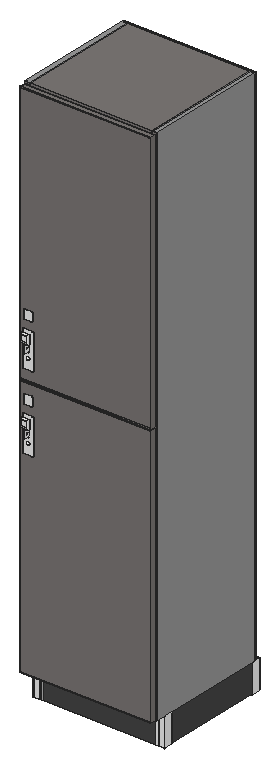
Revit family "Wood_Lockers_Hasps-Salsbury_Industries-18_42000_Series-1_Wide_Units.rfa", category Specialty Equipment, Revit 2016
Family settings
  Part Type = Normal
  Round Connector Dimension = Use Diameter
  OmniClass Number = 23.40.00.00
  OmniClass Title = Equipment and Furnishings
  Work Plane-Based = No
  Always vertical = Yes
  Cut with Voids When Loaded = No
  Shared = No
  Room Calculation Point = No
Parameters (values of type "18-42168")
  Width = 18.000"
  Version = "1.0 (01/31/24)"
  Unit Height including Sloping Hood Only [instance] = 78.868"
  Unit Height including Base Only [instance] = 76.000"
  URL = "www.lockers.com"
  Type Comments = "Premier Wood Lockers - Double Tier - with Hasps"
  Total Doors Height [instance] = if(Unit Height = 72.000", 71.750", if(Unit Height = 60.000", 59.750", 0.000"))  # 71.750"
  Sloping Top Corner Filler - Right Side [instance] = Wood Locker Sloping Corner Fillers : None
  Sloping Top Corner Filler - Left Side [instance] = Wood Locker Sloping Corner Fillers : None
  Sloping In-Line Filler - Right Side [instance] = Wood Locker Sloping In-Line Fillers : None
  Sloping In-Line Filler - Left Side [instance] = Wood Locker Sloping In-Line Fillers : None
  Sloping Hood Height = if(Depth = 15.000", 5.743", if(Depth = 18.000", 6.868", if(Depth = 21.000", 7.993", if(Depth = 24.000", 9.118", 0.000"))))  # 6.868"
  Sloping Hood [instance] = Wood Locker Sloping Hoods : None
  Side Panel without Slope - Right Side [instance] = Wood Locker Side Panels-No Slope : None
  Side Panel without Slope - Left Side [instance] = Wood Locker Side Panels-No Slope : None
  Side Panel with Slope - Right Side [instance] = Wood Locker Side Panels-With Slope : None
  Side Panel with Slope - Left Side [instance] = Wood Locker Side Panels-With Slope : None
  Secondary Structure Materials = Particle Board Industrial Grade - Salsbury Finish - Black Melamine Overlay
  Primary Structure Materials = Particle Board Industrial Grade - Salsbury Finish - Plain
  Overall Unit Height including Base and Sloping Hood [instance] = 82.868"
  OmniClass 23 Title = "Equipment and Furnishings"
  OmniClass 23 Number = "23.40.00.00"
  Model = "18-42168"
  MasterFormat Title = "Lockers"
  MasterFormat Code = "10 51 23"
  Manufacturer = "Salsbury Industries"
  Laminate Surface [instance] = Industrial Grade Particleboard with Wood Laminate - Salsbury Finish - Skyline Walnut
  Interior Material = Textured Melamine - Salsbury Finish - White
  Individual Door Width [instance] = 17.875"
  Unit Height = 72.000"
  Individual Door Height = if(Unit Height = 72.000", 35.781", if(Unit Height = 60.000", 29.781", 0.000"))  # 35.781"
  Hardware = Aluminum - Salsbury Finish - Black Satin
  Front Vertical Filler - Right Side [instance] = Wood Locker Front Fillers : None
  Front Vertical Filler - Left Side [instance] = Wood Locker Front Fillers : None
  Front Corner Filler - Right Side [instance] = Wood Locker Front Corner Filler : None
  Front Corner Filler - Left Side [instance] = Wood Locker Front Corner Filler : None
  Flat Top In-Line Filler - Right Side [instance] = Wood Locker Flat In-Line Fillers : None
  Flat Top In-Line Filler - Left Side [instance] = Wood Locker Flat In-Line Fillers : None
  Flat Top Corner Filler - Right Side [instance] = Wood Locker Flat Corner Fillers : None
  Flat Top Corner Filler - Left Side [instance] = Wood Locker Flat Corner Fillers : None
  Fascia Filler [instance] = Wood Locker Fascia Fillers : None
  Double Side Panel without Slope - Right Side [instance] = Wood Locker Double Side Panels-No Slope : None
  Double Side Panel without Slope - Left Side [instance] = Wood Locker Double Side Panels-No Slope : None
  Double Side Panel with Slope - Right Side [instance] = Wood Locker Double Side Panels-With Slope : None
  Double Side Panel with Slope - Left Side [instance] = Wood Locker Double Side Panels-With Slope : None
  Door Location D2 = Premier Locker Doors_Hasp : Double Tier Door-2 for Six Foot High Locker
  Door Location D1 = Premier Locker Doors_Hasp : Double Tier Door-1 for Six Foot High Locker
  Description = "1 Wide - 6 Feet High - 18 inches Deep - with Base"
  Depth = 18.000"
  Compartment Width [instance] = 16.750"
  Compartment Height [instance] = if(Unit Height = 72.000", 34.875", if(Unit Height = 60.000", 28.875", 0.000"))  # 34.875"
  Compartment Depth [instance] = 16.750"
  Base Material = Particle Board Industrial Grade - Salsbury Finish - Black Melamine Overlay
  Base Height = 4.000"
  Base Depth [instance] = 16.250"
  Base = Wood Locker Bases : Base - 18" W x 18" D Lockers
  Assembly Code = "C1030310"
Reference planes (in)
  plane 1 "Center (Front/Back)": y = 0
  plane 2: z = 0
  plane 3 "Center (Left/Right)": x = 0
  plane 4 "Right Side of Unit": x = 9
  plane 5 "Left Side of Unit": x = -9
  plane 6 "Back of Unit": y = 9
  plane 7 "Front of Unit": y = -9
  plane 8 "Bottom of Base": z = 0
  plane 9 "Top Edge of Unit": z = 76
  plane 10 "Top of Base Edge": z = 4
  plane 11: z = 82.868
  plane 12 "Right Compartment Edge": x = 8.406
  plane 13 "Left Compartment Edge": x = -8.406
  plane 14 "Front Melamine Edge": y = -8
  plane 15 "Back Compartment Edge": y = 8.781
  plane 16 "Front Compartment Edge": y = -7.969
  plane 17 "Front Edge of Base": y = -6.625
  plane 18 "Bottom Edge of Door": z = 4.125
  plane 19 "Top Edge of Door": z = 75.875
  plane 20 "Bottom Compartment Edge": z = 4.75
  plane 21 "Top Compartment Edge": z = 75.25
  plane 22 "Center Top and Bottom": z = 40
  plane 23 "Left Melamine Edge": x = -8.375
  plane 24 "Right Melamine Edge": x = 8.375
  plane 25 "Back Melamine Edge": y = 8.75
  plane 26 "Left Edge of Door": x = -8.875
  plane 27: y = 9.625
  plane 28: y = -7.25
  plane 29 "Base / Ventillation Alignment": y = 9.625
  plane 30 "Compartment Shelf": z = 40.375
  plane 31: z = 39.625
  plane 32: z = 39.906
  plane 33: z = 40.094
  plane 34 "5" Shelf top": z = 70.75
  plane 35: z = 70
  plane 36 "Front of Shelf": y = 3.75
  plane 37 "5" Shelf Bottom": z = 35.125
  plane 38: z = 34.375
  plane 39: y = 3.781
Forms (in)
  Extrusion 1, solid, material "Particle Board Industrial Grade - Salsbury Finish - Plain" <- "Primary Structure Materials"
    sketch origin (9, 0, 0) x (0, -1, 0) y (0, 0, 1)
      loop
        line (7.969, 76) -> (-8.75, 76) -> (-8.75, 4) -> (7.969, 4) -> (7.969, 76)
    from 0 to 0.594
  Extrusion 2, solid, material "Particle Board Industrial Grade - Salsbury Finish - Plain" <- "Primary Structure Materials"
    sketch origin (-9, 0, 0) x (0, -1, 0) y (0, 0, 1)
      loop
        line (-8.75, 76) -> (-8.75, 4) -> (7.969, 4) -> (7.969, 76) -> (-8.75, 76)
    from 0 to -0.594
  Extrusion 3, solid, material "Textured Melamine - Salsbury Finish - White" <- "Interior Material"
    sketch origin (0, 0, 4) x (0, -1, 0) y (1, 0, 0)
      loop
        line (-8.75, -8.375) -> (7.969, -8.375) -> (7.969, 8.375) -> (-8.75, 8.375) -> (-8.75, -8.375)
    from 0 to 0.75
  Extrusion 4, solid, material "Industrial Grade Particleboard with Wood Laminate - Salsbury Finish - Skyline Walnut" <- "Laminate Surface"
    sketch origin (-0.375, 0.375, 76) x (-1, 0, 0) y (0, -1, 0)
      loop
        line (-8.75, -8.375) -> (8, -8.375) -> (8, 8.375) -> (-8.75, 8.375) -> (-8.75, -8.375)
    from 0 to -0.75
  Extrusion 5, solid, material "Particle Board Industrial Grade - Salsbury Finish - Plain" <- "Primary Structure Materials"
    sketch origin (0, 9, 0) x (1, 0, 0) y (0, 0, 1)
      loop
        line (-9, 76) -> (-9, 4) -> (9, 4) -> (9, 76) -> (-9, 76)
    from 0 to 0.219
  Extrusion 6, solid, material "Industrial Grade Particleboard with Wood Laminate - Salsbury Finish - Skyline Walnut" <- "Laminate Surface"
    sketch origin (0, -7.969, 0) x (1, 0, 0) y (0, 0, 1)
      loop
        line (-9, 76) -> (-9, 4) -> (-8.375, 4) -> (-8.375, 76) -> (-9, 76)
    from 0 to 0.031
  Extrusion 7, solid, material "Industrial Grade Particleboard with Wood Laminate - Salsbury Finish - Skyline Walnut" <- "Laminate Surface"
    sketch origin (0, -7.969, 0) x (-1, 0, 0) y (0, 0, -1)
      loop
        line (-9, -76) -> (-8.375, -76) -> (-8.375, -4) -> (-9, -4) -> (-9, -76)
    from 0 to 0.031
  Extrusion 8, solid, material "Textured Melamine - Salsbury Finish - White" <- "Interior Material"
    sketch origin (0, 8.75, 0) x (1, 0, 0) y (0, 0, 1)
      loop
        line (-9, 76) -> (-9, 4) -> (9, 4) -> (9, 76) -> (-9, 76)
    from -0.031 to 0
  Extrusion 9, solid, material "Textured Melamine - Salsbury Finish - White" <- "Interior Material"
    sketch origin (-8.406, 0, 0) x (0, -1, 0) y (0, 0, 1)
      loop
        line (-8.75, 76) -> (-8.75, 4) -> (7.969, 4) -> (7.969, 76) -> (-8.75, 76)
    from 0 to -0.031
  Extrusion 10, solid, material "Textured Melamine - Salsbury Finish - White" <- "Interior Material"
    sketch origin (8.406, 0, 0) x (0, -1, 0) y (0, 0, 1)
      loop
        line (7.969, 76) -> (-8.75, 76) -> (-8.75, 4) -> (7.969, 4) -> (7.969, 76)
    from 0 to 0.031
  Extrusion 11, solid, material "Textured Melamine - Salsbury Finish - White" <- "Interior Material", detail levels fine
    sketch origin (0, 0, 40.375) x (0, -1, 0) y (1, 0, 0)
      loop
        line (-8.75, -8.375) -> (7.969, -8.375) -> (7.969, 8.375) -> (-8.75, 8.375) -> (-8.75, -8.375)
    from 0 to -0.75
  Extrusion 12, solid, material "Textured Melamine - Salsbury Finish - White" <- "Interior Material"
    sketch origin (0, 0, 70.75) x (0, -1, 0) y (1, 0, 0)
      loop
        line (-8.75, -8.375) -> (-3.781, -8.375) -> (-3.781, 8.375) -> (-8.75, 8.375) -> (-8.75, -8.375)
    from 0 to -0.75
  Extrusion 13, solid, material "Textured Melamine - Salsbury Finish - White" <- "Interior Material"
    sketch origin (0, 0, 35.125) x (0, -1, 0) y (1, 0, 0)
      loop
        line (-8.75, -8.375) -> (-3.781, -8.375) -> (-3.781, 8.375) -> (-8.75, 8.375) -> (-8.75, -8.375)
    from 0 to -0.75
  Extrusion 14, solid, material "Industrial Grade Particleboard with Wood Laminate - Salsbury Finish - Skyline Walnut" <- "Laminate Surface"
    sketch origin (0, -8, 0) x (1, 0, 0) y (0, 0, 1)
      loop
        line (-8.375, 40.375) -> (-8.375, 39.625) -> (8.375, 39.625) -> (8.375, 40.375) -> (-8.375, 40.375)
    from 0 to -0.031
  Extrusion 15, solid, material "Industrial Grade Particleboard with Wood Laminate - Salsbury Finish - Skyline Walnut" <- "Laminate Surface"
    sketch origin (0, -8, 0) x (1, 0, 0) y (0, 0, 1)
      loop
        line (-8.375, 4.75) -> (-8.375, 4) -> (8.375, 4) -> (8.375, 4.75) -> (-8.375, 4.75)
    from 0 to -0.031
  Extrusion 16, solid, material "Industrial Grade Particleboard with Wood Laminate - Salsbury Finish - Skyline Walnut" <- "Laminate Surface"
    sketch origin (0, 3.75, 0) x (1, 0, 0) y (0, 0, 1)
      loop
        line (-8.375, 70.75) -> (-8.375, 70) -> (8.375, 70) -> (8.375, 70.75) -> (-8.375, 70.75)
    from 0 to -0.031
  Extrusion 17, solid, material "Industrial Grade Particleboard with Wood Laminate - Salsbury Finish - Skyline Walnut" <- "Laminate Surface"
    sketch origin (0, 3.75, -35.625) x (1, 0, 0) y (0, 0, 1)
      loop
        line (-8.375, 70.75) -> (-8.375, 70) -> (8.375, 70) -> (8.375, 70.75) -> (-8.375, 70.75)
    from 0 to -0.031
Lines and regions (in)
  symbolic lines
    curve 1: line (-9, 8.75, 76) -> (9.00006, 8.75, 76)
    curve 2: line (-9, 8.75, 0) -> (-9, 8.75, 76)
    curve 3: line (9.00006, 8.75, 76) -> (9.00006, 8.75, 0)
    curve 4: line (8.406, -8, 76) -> (8.406, 9.625, 76)
    curve 5: line (8.406, -8, 0) -> (8.406, -8, 76)
    curve 6: line (8.406, 9.625, 76) -> (8.406, 9.625, 0)
    curve 7: line (9.00006, 8.75, 0) -> (-9, 8.75, 0)
    curve 8: line (8.406, -6.625, 0) -> (8.406, 9.625, 0)
    curve 9: line (8.406, 9.625, 0) -> (8.406, -6.625, 0)
    curve 10: line (8.406, -8, 0) -> (8.406, 9.625, 0)
    curve 11: line (-9, 9.625, 0) -> (9, 9.625, 0)
    curve 12: line (-9, -8, 0) -> (-9, 9.625, 0)
    curve 13: line (9, -8, 0) -> (-9, -8, 0)
    curve 14: line (9, 9.625, 0) -> (9, -8, 0)
Dimensions and locks (in)
  equal spacing: plane 5 "Left Side of Unit", plane 3 "Center (Left/Right)", plane 4 "Right Side of Unit"
  "Width": plane 5 "Left Side of Unit" to plane 4 "Right Side of Unit"
  equal spacing: plane 7 "Front of Unit", plane 1 "Center (Front/Back)", plane 6 "Back of Unit"
  "Depth": plane 7 "Front of Unit" to plane 6 "Back of Unit"
  "Base Height": plane 10 "Top of Base Edge" to plane 8 "Bottom of Base"
  "Unit Height": plane 9 "Top Edge of Unit" to plane 10 "Top of Base Edge"
  "Sloping Hood Height": plane 11 to plane 9 "Top Edge of Unit"
  locked: plane 12 "Right Compartment Edge" to plane 4 "Right Side of Unit" at 0.594
  locked: plane 5 "Left Side of Unit" to plane 13 "Left Compartment Edge" at 0.594
  locked: plane 7 "Front of Unit" to plane 14 "Front Melamine Edge" at 1
  locked: plane 15 "Back Compartment Edge" to plane 6 "Back of Unit" at 0.219
  locked: plane 14 "Front Melamine Edge" to plane 16 "Front Compartment Edge" at 0.031
  plane 18 "Bottom Edge of Door" to plane 10 "Top of Base Edge" = 0.125"
  plane 9 "Top Edge of Unit" to plane 19 "Top Edge of Door" = 0.125"
  plane 20 "Bottom Compartment Edge" to plane 10 "Top of Base Edge" = 0.750"
  plane 9 "Top Edge of Unit" to plane 21 "Top Compartment Edge" = 0.750"
  equal spacing: plane 9 "Top Edge of Unit", plane 22 "Center Top and Bottom", plane 10 "Top of Base Edge"
  locked: plane 24 "Right Melamine Edge" to plane 12 "Right Compartment Edge" at 0.031
  locked: plane 13 "Left Compartment Edge" to plane 23 "Left Melamine Edge" at 0.031
  locked: plane 25 "Back Melamine Edge" to plane 15 "Back Compartment Edge" at 0.031
  locked: plane 5 "Left Side of Unit" to plane 26 "Left Edge of Door" at 0.125
  "Individual Door Width": plane 26 "Left Edge of Door" to plane 4 "Right Side of Unit"
  "Total Doors Height": plane 19 "Top Edge of Door" to plane 18 "Bottom Edge of Door"
  "Unit Height including Base Only": plane 9 "Top Edge of Unit" to plane 8 "Bottom of Base"
  "Unit Height including Sloping Hood Only": plane 11 to plane 10 "Top of Base Edge"
  "Overall Unit Height including Base and Sloping Hood": plane 11 to plane 8 "Bottom of Base"
  locked: plane 7 "Front of Unit" to plane 17 "Front Edge of Base" at 2.375
  locked: plane 6 "Back of Unit" to plane 27 at 0.625
  "Base Depth": plane 17 "Front Edge of Base" to plane 27
  "Compartment Width": plane 23 "Left Melamine Edge" to plane 24 "Right Melamine Edge"
  "Compartment Height": plane 31 to plane 20 "Bottom Compartment Edge"
  "Compartment Depth": plane 14 "Front Melamine Edge" to plane 25 "Back Melamine Edge"
  locked: plane 14 "Front Melamine Edge" to plane 28 at 0.75
  plane 14 "Front Melamine Edge" to plane 27 = 17.625"
  Extrusion 2 to Extrusion 9 = 16.719"
  plane 6 "Back of Unit" to plane 29 "Base / Ventillation Alignment" = 0.625"
  locked: plane 30 "Compartment Shelf" to plane 31 at 0.75
  locked: plane 33 to plane 32 at 0.188
  "Individual Door Height": plane 32 to plane 18 "Bottom Edge of Door"
  plane 21 "Top Compartment Edge" to plane 34 "5" Shelf top" to plane 35 = 4.500" locked, 0.750" locked
  locked: plane 36 "Front of Shelf" to plane 25 "Back Melamine Edge" at 5
  plane 31 to plane 37 "5" Shelf Bottom" to plane 38 = 4.500" locked, 0.750" locked
  locked: plane 36 "Front of Shelf" to plane 39 at 0.031
  aligned and locked: level to plane 2
  aligned and locked: plane 15 "Back Compartment Edge" to Extrusion 5
  aligned and locked: plane 4 "Right Side of Unit" to nested 1
  aligned and locked: plane 18 "Bottom Edge of Door" to nested 1
  aligned and locked: plane 7 "Front of Unit" to nested 1
  aligned and locked: plane 9 "Top Edge of Unit" to nested 2
  aligned and locked: plane 14 "Front Melamine Edge" to nested 2
  aligned and locked: plane 5 "Left Side of Unit" to nested 3
  aligned and locked: plane 14 "Front Melamine Edge" to nested 3
  aligned and locked: plane 9 "Top Edge of Unit" to nested 3
  aligned and locked: plane 4 "Right Side of Unit" to nested 4
  aligned and locked: nested 4 to plane 9 "Top Edge of Unit"
  aligned and locked: nested 4 to plane 14 "Front Melamine Edge"
  aligned and locked: plane 9 "Top Edge of Unit" to nested 5
  aligned and locked: plane 28 to nested 5
  aligned and locked: plane 28 to nested 6
  aligned and locked: plane 5 "Left Side of Unit" to nested 6
  aligned and locked: plane 4 "Right Side of Unit" to nested 5
  aligned and locked: nested 6 to plane 9 "Top Edge of Unit"
  aligned and locked: nested 8 to plane 5 "Left Side of Unit"
  aligned and locked: nested 7 to plane 4 "Right Side of Unit"
  aligned and locked: plane 14 "Front Melamine Edge" to nested 7
  aligned and locked: nested 8 to plane 14 "Front Melamine Edge"
  aligned and locked: plane 10 "Top of Base Edge" to nested 7
  aligned and locked: nested 8 to plane 10 "Top of Base Edge"
  aligned and locked: plane 5 "Left Side of Unit" to nested 9
  aligned and locked: plane 4 "Right Side of Unit" to nested 10
  aligned and locked: nested 10 to plane 10 "Top of Base Edge"
  aligned and locked: plane 10 "Top of Base Edge" to nested 9
  aligned and locked: plane 16 "Front Compartment Edge" to nested 10
  aligned and locked: nested 9 to plane 14 "Front Melamine Edge"
  aligned and locked: plane 4 "Right Side of Unit" to nested 11
  aligned and locked: nested 11 to plane 10 "Top of Base Edge"
  aligned and locked: plane 14 "Front Melamine Edge" to nested 11
  aligned and locked: plane 14 "Front Melamine Edge" to nested 12
  aligned and locked: nested 12 to nested 4
  aligned and locked: plane 10 "Top of Base Edge" to nested 12
  aligned and locked: nested 13 to plane 5 "Left Side of Unit"
  aligned and locked: nested 13 to plane 14 "Front Melamine Edge"
  aligned and locked: nested 13 to plane 10 "Top of Base Edge"
  aligned and locked: plane 14 "Front Melamine Edge" to nested 14
  aligned and locked: nested 14 to plane 4 "Right Side of Unit"
  aligned and locked: nested 15 to plane 14 "Front Melamine Edge"
  aligned and locked: nested 15 to plane 5 "Left Side of Unit"
  aligned and locked: plane 10 "Top of Base Edge" to nested 14
  aligned and locked: nested 15 to plane 10 "Top of Base Edge"
  aligned and locked: plane 14 "Front Melamine Edge" to nested 16
  aligned and locked: plane 4 "Right Side of Unit" to nested 16
  aligned and locked: nested 17 to plane 14 "Front Melamine Edge"
  aligned and locked: plane 5 "Left Side of Unit" to nested 17
  aligned and locked: nested 16 to plane 8 "Bottom of Base"
  aligned and locked: nested 17 to plane 8 "Bottom of Base"
  aligned and locked: nested 18 to plane 5 "Left Side of Unit"
  aligned and locked: nested 19 to plane 4 "Right Side of Unit"
  aligned and locked: nested 19 to plane 14 "Front Melamine Edge"
  aligned and locked: plane 14 "Front Melamine Edge" to nested 18
  aligned and locked: plane 8 "Bottom of Base" to nested 19
  aligned and locked: nested 18 to plane 8 "Bottom of Base"
  aligned and locked: plane 17 "Front Edge of Base" to nested 20
  aligned and locked: nested 21 to plane 9 "Top Edge of Unit"
  aligned and locked: plane 5 "Left Side of Unit" to nested 21
  aligned and locked: nested 22 to plane 9 "Top Edge of Unit"
  aligned and locked: plane 4 "Right Side of Unit" to nested 22
  aligned and locked: nested 22 to plane 14 "Front Melamine Edge"
  aligned and locked: nested 21 to plane 14 "Front Melamine Edge"
  aligned and locked: nested 24 to plane 9 "Top Edge of Unit"
  aligned and locked: plane 4 "Right Side of Unit" to nested 24
  aligned and locked: nested 23 to plane 9 "Top Edge of Unit"
  aligned and locked: plane 5 "Left Side of Unit" to nested 23
  aligned and locked: nested 24 to plane 28
  aligned and locked: nested 23 to plane 28
  aligned and locked: plane 14 "Front Melamine Edge" to nested 25
  aligned and locked: plane 9 "Top Edge of Unit" to nested 25
  aligned and locked: plane 8 "Bottom of Base" to nested 20
  aligned and locked: plane 3 "Center (Left/Right)" to nested 20
  aligned and locked: plane 25 "Back Melamine Edge" to Extrusion 3 sketch curve
  aligned and locked: Extrusion 3 sketch curve to plane 23 "Left Melamine Edge"
  aligned and locked: plane 24 "Right Melamine Edge" to Extrusion 3 sketch curve
  aligned and locked: Extrusion 4 to plane 9 "Top Edge of Unit"
  aligned and locked: plane 21 "Top Compartment Edge" to Extrusion 4
  aligned and locked: Extrusion 2 sketch curve to plane 9 "Top Edge of Unit"
  aligned and locked: plane 16 "Front Compartment Edge" to Extrusion 2 sketch curve
  aligned and locked: Extrusion 2 sketch curve to plane 25 "Back Melamine Edge"
  aligned and locked: plane 10 "Top of Base Edge" to Extrusion 2 sketch curve
  aligned and locked: Extrusion 2 to plane 13 "Left Compartment Edge"
  aligned and locked: plane 5 "Left Side of Unit" to Extrusion 2
  aligned and locked: plane 10 "Top of Base Edge" to Extrusion 9 sketch curve
  aligned and locked: Extrusion 9 sketch curve to plane 25 "Back Melamine Edge"
  aligned and locked: Extrusion 9 sketch curve to plane 9 "Top Edge of Unit"
  aligned and locked: Extrusion 1 sketch curve to plane 16 "Front Compartment Edge"
  aligned and locked: plane 9 "Top Edge of Unit" to Extrusion 1 sketch curve
  aligned and locked: Extrusion 1 sketch curve to plane 10 "Top of Base Edge"
  aligned and locked: plane 25 "Back Melamine Edge" to Extrusion 1 sketch curve
  aligned and locked: Extrusion 1 to plane 4 "Right Side of Unit"
  aligned and locked: plane 12 "Right Compartment Edge" to Extrusion 1
  aligned and locked: Extrusion 10 sketch curve to plane 10 "Top of Base Edge"
  aligned and locked: plane 25 "Back Melamine Edge" to Extrusion 10 sketch curve
  aligned and locked: Extrusion 10 sketch curve to plane 16 "Front Compartment Edge"
  aligned and locked: plane 9 "Top Edge of Unit" to Extrusion 10 sketch curve
  aligned and locked: Extrusion 10 to plane 12 "Right Compartment Edge"
  aligned and locked: plane 24 "Right Melamine Edge" to Extrusion 10
  aligned and locked: Extrusion 8 sketch curve to plane 10 "Top of Base Edge"
  aligned and locked: plane 4 "Right Side of Unit" to Extrusion 8 sketch curve
  aligned and locked: plane 9 "Top Edge of Unit" to Extrusion 8 sketch curve
  aligned and locked: Extrusion 8 sketch curve to plane 5 "Left Side of Unit"
  aligned and locked: Extrusion 8 to plane 15 "Back Compartment Edge"
  aligned and locked: plane 25 "Back Melamine Edge" to Extrusion 8
  aligned and locked: plane 9 "Top Edge of Unit" to Extrusion 5 sketch curve
  aligned and locked: Extrusion 5 sketch curve to plane 5 "Left Side of Unit"
  aligned and locked: Extrusion 5 sketch curve to plane 10 "Top of Base Edge"
  aligned and locked: plane 4 "Right Side of Unit" to Extrusion 5 sketch curve
  aligned and locked: Extrusion 7 sketch curve to plane 9 "Top Edge of Unit"
  aligned and locked: Extrusion 7 sketch curve to plane 4 "Right Side of Unit"
  aligned and locked: plane 24 "Right Melamine Edge" to Extrusion 7 sketch curve
  aligned and locked: plane 10 "Top of Base Edge" to Extrusion 7 sketch curve
  aligned and locked: Extrusion 7 to plane 16 "Front Compartment Edge"
  aligned and locked: plane 14 "Front Melamine Edge" to Extrusion 7
  aligned and locked: Extrusion 6 sketch curve to plane 10 "Top of Base Edge"
  aligned and locked: plane 23 "Left Melamine Edge" to Extrusion 6 sketch curve
  aligned and locked: Extrusion 6 sketch curve to plane 5 "Left Side of Unit"
  aligned and locked: plane 9 "Top Edge of Unit" to Extrusion 6 sketch curve
  aligned and locked: Extrusion 6 to plane 16 "Front Compartment Edge"
  aligned and locked: plane 14 "Front Melamine Edge" to Extrusion 6
  aligned and locked: plane 16 "Front Compartment Edge" to Extrusion 9
  aligned and locked: plane 13 "Left Compartment Edge" to Extrusion 9
  aligned and locked: nested 3 to curve 1
  aligned and locked: curve 2 to nested 17
  aligned and locked: curve 4 to nested 2
  aligned and locked: nested 16 to curve 5
  aligned and locked: curve 9 to nested 20
  aligned and locked: curve 10 to nested 16
  aligned and locked: curve 12 to plane 5 "Left Side of Unit"
  aligned and locked: plane 29 "Base / Ventillation Alignment" to curve 11
  aligned and locked: plane 3 "Center (Left/Right)" to nested 2
  aligned and locked: plane 3 "Center (Left/Right)" to nested 25
  aligned and locked: plane 29 "Base / Ventillation Alignment" to curve 6
  aligned and locked: plane 25 "Back Melamine Edge" to Extrusion 11 sketch curve
  aligned and locked: Extrusion 11 sketch curve to plane 23 "Left Melamine Edge"
  aligned and locked: plane 24 "Right Melamine Edge" to Extrusion 11 sketch curve
  aligned and locked: nested 26 to plane 33
  aligned and locked: plane 4 "Right Side of Unit" to nested 26
  aligned and locked: plane 7 "Front of Unit" to nested 26
  aligned and locked: plane 35 to Extrusion 12
  aligned and locked: plane 23 "Left Melamine Edge" to Extrusion 12
  aligned and locked: Extrusion 12 to plane 24 "Right Melamine Edge"
  aligned and locked: Extrusion 12 to plane 25 "Back Melamine Edge"
  aligned and locked: Extrusion 13 to plane 37 "5" Shelf Bottom"
  aligned and locked: plane 38 to Extrusion 13
  aligned and locked: plane 23 "Left Melamine Edge" to Extrusion 13
  aligned and locked: Extrusion 13 to plane 24 "Right Melamine Edge"
  aligned and locked: Extrusion 13 to plane 25 "Back Melamine Edge"
  aligned and locked: Extrusion 12 to plane 34 "5" Shelf top"
  aligned and locked: plane 14 "Front Melamine Edge" to Extrusion 4
  aligned and locked: plane 16 "Front Compartment Edge" to Extrusion 11
  aligned and locked: plane 31 to Extrusion 11
  aligned and locked: Extrusion 11 to plane 30 "Compartment Shelf"
  aligned and locked: Extrusion 14 to Extrusion 11  (x2)
  aligned and locked: Extrusion 14 to Extrusion 6
  aligned and locked: Extrusion 14 to Extrusion 7
  aligned and locked: Extrusion 14 to plane 16 "Front Compartment Edge"
  aligned and locked: plane 14 "Front Melamine Edge" to Extrusion 14
  aligned and locked: plane 16 "Front Compartment Edge" to Extrusion 3
  aligned and locked: Extrusion 15 sketch curve to Extrusion 3  (x3)
  aligned and locked: Extrusion 7 to Extrusion 15 sketch curve
  aligned and locked: Extrusion 15 to plane 16 "Front Compartment Edge"
  aligned and locked: plane 14 "Front Melamine Edge" to Extrusion 15
  aligned and locked: Extrusion 12 to plane 39
  aligned and locked: Extrusion 16 sketch curve to Extrusion 12  (x4)
  aligned and locked: Extrusion 17 to Extrusion 13  (x2)
  aligned and locked: Extrusion 17 to Extrusion 6
  aligned and locked: Extrusion 17 to Extrusion 7
  aligned and locked: Extrusion 17 to Extrusion 12
  aligned and locked: Extrusion 17 to plane 36 "Front of Shelf"
  aligned and locked: Extrusion 13 to Extrusion 12
Automatic sketch dimensions
  plane 16 "Front Compartment Edge" to Extrusion 3 sketch curve = 0.000"
  plane 14 "Front Melamine Edge" to Extrusion 4 sketch curve = 0.000"
  Extrusion 4 sketch curve to plane 24 "Right Melamine Edge" = 0.000"
  Extrusion 4 sketch curve to plane 23 "Left Melamine Edge" = 0.000"
  plane 25 "Back Melamine Edge" to Extrusion 4 sketch curve = 0.000"
  Extrusion 9 sketch curve to plane 16 "Front Compartment Edge" = 0.000"
  curve 3 to level = 0.000"
  curve 3 to plane 4 "Right Side of Unit" = 0.00006"
  curve 8 to plane 17 "Front Edge of Base" = 0.000"
  curve 9 to plane 17 "Front Edge of Base" = 0.000"
  plane 14 "Front Melamine Edge" to curve 13 = 0.000"
  curve 13 to plane 4 "Right Side of Unit" = 0.000"
  plane 16 "Front Compartment Edge" to Extrusion 11 sketch curve = 0.000"
  Extrusion 12 sketch curve to plane 24 "Right Melamine Edge" = 0.000"
  plane 25 "Back Melamine Edge" to Extrusion 12 sketch curve = 0.000"
  Extrusion 12 sketch curve to plane 23 "Left Melamine Edge" = 0.000"
  plane 39 to Extrusion 12 sketch curve = 0.000"
  Extrusion 13 sketch curve to plane 24 "Right Melamine Edge" = 0.000"
  plane 25 "Back Melamine Edge" to Extrusion 13 sketch curve = 0.000"
  Extrusion 13 sketch curve to plane 23 "Left Melamine Edge" = 0.000"
  Extrusion 13 sketch curve to plane 36 "Front of Shelf" = 0.031"
  plane 23 "Left Melamine Edge" to Extrusion 14 sketch curve = 0.000"
  plane 24 "Right Melamine Edge" to Extrusion 14 sketch curve = 0.000"
  Extrusion 14 sketch curve to plane 31 = 0.000"
  Extrusion 14 sketch curve to plane 30 "Compartment Shelf" = 0.000"
  plane 23 "Left Melamine Edge" to Extrusion 17 sketch curve = 0.000"
  plane 24 "Right Melamine Edge" to Extrusion 17 sketch curve = 0.000"
  Extrusion 17 sketch curve to plane 38 = 0.000"
  Extrusion 17 sketch curve to plane 37 "5" Shelf Bottom" = 0.000"
Nested families (in)
  nested 1: "Premier Locker Doors_Hasp" at (0.0625, -8.625, 4.125), type <- "Door Location D2", type "Double Tier Door-2 for Six Foot High Locker"
  nested 2: "Wood Locker Sloping Hoods" at (0, -0.6875, 76), type <- "Sloping Hood", type "None"
  nested 3: "Wood Locker Sloping Corner Fillers" at (-18.25, -1, 76), type <- "Sloping Top Corner Filler - Left Side", type "None"
  nested 4: "Wood Locker Sloping Corner Fillers" at (18.25, -1, 76) x (-1, 0, 0) z (0, 0, 1), type <- "Sloping Top Corner Filler - Right Side", type "None"
  nested 5: "Wood Locker Flat Corner Fillers" at (16.5, -3.625, 75.25), type <- "Flat Top Corner Filler - Right Side", type "None"
  nested 6: "Wood Locker Flat Corner Fillers" at (-16.5, -3.625, 75.25) x (-1, 0, 0) z (0, 0, 1), type <- "Flat Top Corner Filler - Left Side", type "None"
  nested 7: "Wood Locker Side Panels-No Slope" at (9.375, -1, 4) x (0, 1, 0) z (0, 0, 1), type <- "Side Panel without Slope - Right Side", type "None"
  nested 8: "Wood Locker Side Panels-No Slope" at (-9.375, -1, 4) x (0, 1, 0) z (0, 0, 1), type <- "Side Panel without Slope - Left Side", type "None"
  nested 9: "Wood Locker Side Panels-With Slope" at (-9.375, -0.6875, 4) x (0, -1, 0) z (0, 0, 1), type <- "Side Panel with Slope - Left Side", type "None"
  nested 10: "Wood Locker Side Panels-With Slope" at (9.375, -0.6565, 4) x (0, -1, 0) z (0, 0, 1), type <- "Side Panel with Slope - Right Side", type "None"
  nested 11: "Wood Locker Side Panels-With Slope" at (9.375, -0.6875, 4) x (0, -1, 0) z (0, 0, 1), type <- "Side Panel with Slope - Right Side", type "None"
  nested 12: "Wood Locker Double Side Panels-No Slope" at (9.375, -1, 4) x (0, 1, 0) z (0, 0, 1), type <- "Double Side Panel without Slope - Right Side", type "None"
  nested 13: "Wood Locker Double Side Panels-No Slope" at (-9.375, -1, 4) x (0, 1, 0) z (0, 0, 1), type <- "Double Side Panel without Slope - Left Side", type "None"
  nested 14: "Wood Locker Double Side Panels-With Slope" at (9.375, -1, 4) x (0, 1, 0) z (0, 0, 1), type <- "Double Side Panel with Slope - Right Side", type "None"
  nested 15: "Wood Locker Double Side Panels-With Slope" at (-9.375, -1, 4) x (0, 1, 0) z (0, 0, 1), type <- "Double Side Panel with Slope - Left Side", type "None"
  nested 16: "Wood Locker Front Fillers" at (16.5, -7.625, 0), type <- "Front Vertical Filler - Right Side", type "None"
  nested 17: "Wood Locker Front Fillers" at (-16.5, -7.625, 0) x (-1, 0, 0) z (0, 0, 1), type <- "Front Vertical Filler - Left Side", type "None"
  nested 18: "Wood Locker Front Corner Filler" at (-10.125, -7.625, 0), type <- "Front Corner Filler - Left Side", type "None"
  nested 19: "Wood Locker Front Corner Filler" at (10.125, -7.625, 0) x (-1, 0, 0) z (0, 0, 1), type <- "Front Corner Filler - Right Side", type "None"
  nested 20: "Wood Locker Bases" at (0, 1.5, 0), type <- "Base", type "Base - 18" W x 18" D Lockers"
  nested 21: "Wood Locker Sloping In-Line Fillers" at (-15, -1, 76), type <- "Sloping In-Line Filler - Left Side", type "None"
  nested 22: "Wood Locker Sloping In-Line Fillers" at (15, -1, 76) x (-1, 0, 0) z (0, 0, 1), type <- "Sloping In-Line Filler - Right Side", type "None"
  nested 23: "Wood Locker Flat In-Line Fillers" at (-16.5, -0.625, 75.25), type <- "Flat Top In-Line Filler - Left Side", type "None"
  nested 24: "Wood Locker Flat In-Line Fillers" at (16.5, -0.625, 75.25) x (-1, 0, 0) z (0, 0, 1), type <- "Flat Top In-Line Filler - Right Side", type "None"
  nested 25: "Wood Locker Fascia Fillers" at (0, -7.625, 76), type <- "Fascia Filler", type "None"
  nested 26: "Premier Locker Doors_Hasp" at (0.0625, -8.625, 40.094), type <- "Door Location D1", type "Double Tier Door-1 for Six Foot High Locker"
Definition of nested family "Premier Locker Doors_Hasp"
  Parameters (values of type "Single Tier Door for Six Foot High Locker")
    Width = 17.875"
    Visible Number Plates = yes
    Visible Center Hinge = yes
    Primary Structure Materials = none
    Number Tag-Vertical Offset = 31.625"
    Number Tag-Horizontal Offset = 16.750"
    Number Tag Width = 1.250"
    Number Tag Height = 1.250"
    Model = "Premier Locker Doors"
    Manufacturer = "Salsbury Industries"
    Lock Width = 1.500"
    Lock Height = 4.875"
    Laminate Surface = none
    Height = 71.750"
    Lock Vertical Offset = 35.875"
    Lock Horizontal Offset = 0.375"
    Door Trim = none
    Door Hasps = none
    Depth = 0.750"
    Default Elevation = 48.000"
  Types (7): name | Visible Center Hinge | Number Tag-Vertical Offset | Height | Lock Vertical Offset
    Single Tier Door for Six Foot High Locker | yes | 31.625" | 71.750" | 35.875"
    Double Tier Door-1 for Six Foot High Locker | no | 27.641" | 35.781" | 31.891"
    Double Tier Door-2 for Six Foot High Locker | yes | 2.078" | 35.781" | 6.328"
    Triple Tier Door-1 for Six Foot High Locker | no | 15.651" | 23.791" | 19.901"
    Triple Tier Door-2 for Six Foot High Locker | no | 7.646" | 23.791" | 11.896"
    Triple Tier Door-3 for Six Foot High Locker | no | 2.078" | 23.791" | 6.328"
    Four Tier Door for Six Foot High Locker | no | 4.647" | 17.796" | 8.897"
  Reference planes (in)
    plane 1 "Center (Front/Back)": y = 0
    plane 2: z = 0
    plane 3 "Center (Left/Right)": x = 0
    plane 4 "Left Side of Door": x = -8.9375
    plane 5 "Right Side of Door": x = 8.9375
    plane 6 "Back of Door": y = 0.375
    plane 7 "Front of Door": y = -0.375
    plane 8 "Bottom of Door": z = 0
    plane 9 "Top of Door": z = 71.75
    plane 10 "Center of Door": z = 35.875
    plane 11 "Top of Number Tag": z = 40.75
    plane 12 "Bottom of Number Tag": z = 39.5
    plane 13 "Left Side of Number Tag": x = -8.4375
    plane 14 "Right Side of Number Tag": x = -7.1875
    plane 15 "Horizontal Center of Number Tag": x = -7.8125
    plane 16 "Center of Number Tag": z = 40.125
    plane 17 "Left Side of Lock": x = -8.5625
    plane 18 "Right Side of Lock": x = -7.0625
    plane 19 "Lock Vertical Center": z = 35.875
    plane 20 "Top of Lock": z = 38.3125
    plane 21 "Bottom of Lock": z = 33.4375
    plane 22 "Front of Hasp Stud": y = -0.5
    plane 23 "Left Side of Door-Right Side of Trim": x = -8.8125
    plane 24 "Right Side of Door-Left Side of Trim": x = 8.8125
    plane 25 "Top of Door-Bottom of Trim": z = 71.625
    plane 26 "Bottom of Door-Top of Trim": z = 0.125
    plane 27 "Laminate-Particleboard Line": y = -0.344
    plane 28 "Melamine-Particleboard Line": y = 0.344
    plane 29 "Back of Number Plate Inset": y = -0.313
    plane 30 "Center of Lock": x = -7.8125
    plane 31: y = -0.188
    plane 32 "Door Stopper Plane": y = 0.625
    plane 33: x = -8.4875
    plane 34: z = 71.3
    plane 35 "Top Hinge": z = 68.75
    plane 36: x = 8.3125
    plane 37 "Bottom Hinge": z = 3
    plane 38 "Inner Knob": y = -1.094
    plane 39 "Front of Knob": y = -1.125
    plane 40: z = 37.1875
    plane 41: z = 34.5625
    plane 42: z = 38.1875
    plane 43: x = -7.1875
    plane 44: x = -8.4375
    plane 45: z = 36.9375
    plane 46 "Top of Hole": z = 36.8125
    plane 47: x = -7.6245
    plane 48: x = -8.0005
    plane 49 "Bottom of Hole": z = 35.5625
    plane 50 "Stud Alignment": z = 34.8125
    plane 51 "Center of Handle": z = 37.5625
    plane 52: z = 37.7505
    plane 53: z = 37.3745
    plane 54: z = 37.96546
    plane 55: z = 37.15954
    plane 56 "Front of Latch": y = -1
    plane 57: z = 36.6844
    plane 58: z = 35.6844
    plane 59: z = 36.1844
    plane 60: x = 8.3435
    plane 61: z = 36.6245
    plane 62: z = 35.74816
  Forms (in)
    Extrusion 1, solid, detail levels fine
      sketch origin (0, 0, 0) x (1, 0, 0) y (0, 0, 1)
        loop
          line (-8.9065, 0.031) -> (8.9065, 0.031) -> (8.9065, 71.719) -> (-8.9065, 71.719) -> (-8.9065, 0.031)
      from -0.344 to 0.344
    Extrusion 2, solid, material <- "Laminate Surface", detail levels fine
      sketch origin (0, 0.375, 0) x (1, 0, 0) y (0, 0, 1)
        loop
          line (-8.9065, 0.031) -> (8.9065, 0.031) -> (8.9065, 71.719) -> (-8.9065, 71.719) -> (-8.9065, 0.031)
      from 0.031 to 0
    Extrusion 3, solid, material <- "Laminate Surface"
      sketch origin (0, -0.375, 0) x (1, 0, 0) y (0, 0, 1)
        loop
          line (-8.9065, 0.031) -> (8.9065, 0.031) -> (8.9065, 71.719) -> (-8.9065, 71.719) -> (-8.9065, 0.031)
      from 0 to -0.031
    Sweep 4, solid, material <- "Door Trim"
      path origin (0, 0, 0) x (1, 0, 0) y (0, 0, 1)
        loop
          line (8.8125, 71.625) -> (-8.8125, 71.625) -> (-8.8125, 0.125) -> (8.8125, 0.125) -> (8.8125, 71.625)
      profile origin (0, 0, 71.625) x (0, 0, -1) y (0, -1, 0)
        loop
          line (-0.125, 0.375) -> (-0.125, -0.375) -> (-0.094, -0.375) -> (-0.094, 0.375) -> (-0.125, 0.375)
    Extrusion 5, void
      sketch origin (-1.875, -0.313, 0) x (1, 0, 0) y (0, 0, 1)
        loop
          arc (-6.41334, 40.75) -> (-6.51881, 40.70631) -> (-6.5625, 40.60084) r 0.14916
          line (-6.5625, 40.60084) -> (-6.5625, 39.64916)
          arc (-6.5625, 39.64916) -> (-6.51881, 39.54369) -> (-6.41334, 39.5) r 0.14916
          line (-6.41334, 39.5) -> (-5.46166, 39.5)
          arc (-5.46166, 39.5) -> (-5.35619, 39.54369) -> (-5.3125, 39.64916) r 0.14916
          line (-5.3125, 39.64916) -> (-5.3125, 40.60084)
          arc (-5.3125, 40.60084) -> (-5.35619, 40.70631) -> (-5.46166, 40.75) r 0.14916
          line (-5.46166, 40.75) -> (-6.41334, 40.75)
      from 0 to 0.062
    Extrusion 6, solid, visible <- "Visible Number Plates", detail levels medium+fine
      sketch origin (-1.875, -0.375, 0) x (1, 0, 0) y (0, 0, 1)
        loop
          arc (-6.41334, 40.75) -> (-6.51881, 40.70631) -> (-6.5625, 40.60084) r 0.14916
          line (-6.5625, 40.60084) -> (-6.5625, 39.64916)
          arc (-6.5625, 39.64916) -> (-6.51881, 39.54369) -> (-6.41334, 39.5) r 0.14916
          line (-6.41334, 39.5) -> (-5.46166, 39.5)
          arc (-5.46166, 39.5) -> (-5.35619, 39.54369) -> (-5.3125, 39.64916) r 0.14916
          line (-5.3125, 39.64916) -> (-5.3125, 40.60084)
          arc (-5.3125, 40.60084) -> (-5.35619, 40.70631) -> (-5.46166, 40.75) r 0.14916
          line (-5.46166, 40.75) -> (-6.41334, 40.75)
      from -0.062 to 0
    Extrusion 7, solid, detail levels medium+fine
      sketch origin (0, 0.375, 0) x (1, 0, 0) y (0, 0, 1)
        loop
          circle (-8.4875, 71.3) r 0.25
      from 0 to -0.25
    Extrusion 8, solid, detail levels medium+fine
      sketch origin (0, 0.375, 0) x (1, 0, 0) y (0, 0, 1)
        loop
          line (8.3125, 68.5) -> (8.3125, 69) -> (7.8125, 69) -> (7.8125, 68.5) -> (8.3125, 68.5)
      from 0 to -0.25
    Extrusion 9, solid, detail levels medium+fine
      sketch origin (0, 0.375, -0.25) x (1, 0, 0) y (0, 0, 1)
        loop
          line (8.3125, 3) -> (8.3125, 3.5) -> (7.8125, 3.5) -> (7.8125, 3) -> (8.3125, 3)
      from 0 to -0.25
    Extrusion 10, solid, visible <- "Visible Center Hinge", detail levels medium+fine
      sketch origin (0, 0.375, -0.25) x (1, 0, 0) y (0, 0, 1)
        loop
          line (8.3125, 35.875) -> (8.3125, 36.375) -> (7.8125, 36.375) -> (7.8125, 35.875) -> (8.3125, 35.875)
      from 0 to -0.25
    Extrusion 11, void
      sketch origin (-1.875, -0.375, 0) x (1, 0, 0) y (0, 0, 1)
        loop
          arc (-6.5625, 38.3125) -> (-6.65089, 38.27589) -> (-6.6875, 38.1875) r 0.125
          line (-6.6875, 38.1875) -> (-6.6875, 33.5625)
          arc (-6.6875, 33.5625) -> (-6.65089, 33.47411) -> (-6.5625, 33.4375) r 0.125
          line (-6.5625, 33.4375) -> (-5.3125, 33.4375)
          arc (-5.3125, 33.4375) -> (-5.22411, 33.47411) -> (-5.1875, 33.5625) r 0.125
          line (-5.1875, 33.5625) -> (-5.1875, 38.1875)
          arc (-5.1875, 38.1875) -> (-5.22411, 38.27589) -> (-5.3125, 38.3125) r 0.125
          line (-5.3125, 38.3125) -> (-6.5625, 38.3125)
      from -0.062 to 0
    Extrusion 12, solid
      sketch origin (-1.875, -0.375, 0) x (1, 0, 0) y (0, 0, 1)
        loop
          line (-5.3125, 38.3125) -> (-6.5625, 38.3125)
          arc (-6.5625, 38.3125) -> (-6.65089, 38.27589) -> (-6.6875, 38.1875) r 0.125
          line (-6.6875, 38.1875) -> (-6.6875, 33.5625)
          arc (-6.6875, 33.5625) -> (-6.65089, 33.47411) -> (-6.5625, 33.4375) r 0.125
          line (-6.5625, 33.4375) -> (-5.3125, 33.4375)
          arc (-5.3125, 33.4375) -> (-5.22411, 33.47411) -> (-5.1875, 33.5625) r 0.125
          line (-5.1875, 33.5625) -> (-5.1875, 38.1875)
          arc (-5.1875, 38.1875) -> (-5.22411, 38.27589) -> (-5.3125, 38.3125) r 0.125
      from 0 to -0.062
    Extrusion 13, void
      sketch origin (-1.875, -0.375, 0) x (1, 0, 0) y (0, 0, 1)
        loop
          line (-6.1255, 36.6245) -> (-6.1255, 35.74816)
          arc (-6.1255, 35.74816) -> (-5.9375, 35.56016) -> (-5.7495, 35.74816) r 0.188
          line (-5.7495, 35.74816) -> (-5.7495, 36.6245)
          arc (-5.7495, 36.6245) -> (-5.9375, 36.8125) -> (-6.1255, 36.6245) r 0.188
      from 0 to -0.75
    Sweep 14, solid, detail levels medium+fine
      path origin (-1.875, -0.375, 0) x (1, 0, 0) y (0, 0, 1)
        loop
          circle (-5.9375, 34.8125) r 0.01
      profile origin (-7.8125, -0.375, 34.8225) x (0, 0, -1) y (0, -1, 0)
        loop
          line (0, 0) -> (0, 0.125)
          arc (0, 0.125) -> (-0.10032, 0.09036) -> (-0.156, 0) r 0.15776
          line (-0.156, 0) -> (0, 0)
    Extrusion 15, solid, detail levels medium+fine
      sketch origin (-1.875, -0.375, 0) x (1, 0, 0) y (0, 0, 1)
        loop
          circle (-5.9375, 34.8125) r 0.01
      from 0 to 0.125
    Sweep 16, solid
      path origin (-1.875, -0.375, 0) x (1, 0, 0) y (0, 0, 1)
        loop
          line (-6.5625, 38.1875) -> (-6.5625, 36.9375) -> (-5.3125, 36.9375) -> (-5.3125, 38.1875) -> (-6.5625, 38.1875)
      profile origin (-7.8125, -0.375, 38.1875) x (0, 0, 1) y (0, -1, 0)
        loop
          line (-0.38067, 0) -> (-0.38067, 0.24142)
          arc (-0.38067, 0.24142) -> (-0.34525, 0.34191) -> (-0.25465, 0.39797) r 0.16024
          arc (-0.25465, 0.39797) -> (-0.10494, 0.46941) -> (0, 0.59789) r 0.37946
          spline (0, 0.59789) -> (-0.00179, 0.61485) -> (-0.00715, 0.6316) -> (-0.01601, 0.64793) -> (-0.02825, 0.66364) -> (-0.04373, 0.67852) -> (-0.06225, 0.6924) -> (-0.08358, 0.7051) -> (-0.10745, 0.71647) -> (-0.13357, 0.72635) -> (-0.16161, 0.73463) -> (-0.19123, 0.74121) -> (-0.22204, 0.746)
          arc (-0.22204, 0.746) -> (-0.31051, 0.60028) -> (-0.42829, 0.47704) r 0.78682
          arc (-0.42829, 0.47704) -> (-0.50625, 0.37521) -> (-0.53396, 0.25) r 0.29673
          line (-0.53396, 0.25) -> (-0.53396, 0) -> (-0.38067, 0)
    Blend 17, solid
      base sketch origin (-1.875, -1.125, 0) x (0, 0, -1) y (-1, 0, 0)
        loop
          line (-37.96546, 6.34046) -> (-37.96546, 5.53454) -> (-37.15954, 5.53454) -> (-37.15954, 6.34046) -> (-37.96546, 6.34046)
      top sketch origin (-1.875, -1.125, 0) x (0, 0, -1) y (-1, 0, 0)
        loop
          line (-37.93279, 6.30777) -> (-37.93279, 5.56715) -> (-37.19211, 5.56715) -> (-37.19211, 6.30777) -> (-37.93279, 6.30777)
      from 0 to 0.031
    Extrusion 18, solid
      sketch origin (-7.8125, 0, 0) x (0, 0, -1) y (0, -1, 0)
        loop
          line (-35.6844, 1) -> (-36.6844, 1) -> (-36.6844, -0.375) -> (-35.6844, -0.375) -> (-35.6844, 1)
      from -0.063 to 0.063
    Extrusion 19, void
      sketch origin (-7.8125, 35.51803, 36.85077) x (0, 1, 0) y (0, 0, -1)
        loop
          circle (-36.1844, 0.66637) r 0.25
      from -0.063 to 0.063
  Cuts and joins
    Extrusion 5, Extrusion 13 cuts Extrusion 1
    Extrusion 5, Extrusion 11 cuts Extrusion 3
    Extrusion 13 cuts Extrusion 12
    Extrusion 13 cuts Extrusion 2
    Extrusion 19 cuts Extrusion 18
  Lines and regions (in)
    symbolic lines
      curve 1: line (-8.9375, 0.375, 0) -> (8.9375, 0.375, 0)
      curve 2: line (8.9375, 0.375, 0) -> (8.9375, 0.375, 71.75)
      curve 3: line (8.9375, 0.375, 71.75) -> (-8.9375, 0.375, 71.75)
      curve 4: line (-8.9375, 0.375, 71.75) -> (-8.9375, 0.375, 0)
      curve 5: line (-8.9375, 0.375, 71.625) -> (8.9375, 0.375, 71.625)
      curve 6: line (-8.9375, -0.375, 71.625) -> (-8.9375, 0.375, 71.625)
      curve 7: line (8.9375, -0.375, 71.625) -> (-8.9375, -0.375, 71.625)
      curve 8: line (8.9375, 0.375, 71.625) -> (8.9375, -0.375, 71.625)
      curve 9: line (8.3125, 0.375, 71.625) -> (8.3125, 0.625, 71.625)
      curve 10: line (8.3125, 0.625, 71.625) -> (7.8125, 0.625, 71.625)
      curve 11: line (7.8125, 0.625, 71.625) -> (7.8125, 0.375, 71.625)
      curve 12: line (-8.73713, 0.375, 71.625) -> (-8.73713, 0.625, 71.625)
      curve 13: line (-8.2375, 0.375, 71.625) -> (-8.2375, 0.625, 71.625)
      curve 14: line (-8.2375, 0.625, 71.625) -> (-8.73713, 0.625, 71.625)
      curve 15: line (-7.8125, -0.375, 71.75) -> (-7.8125, 0.375, 71.75)
      curve 16: line (-7.8125, -0.375, 0) -> (-7.8125, -0.375, 71.75)
      curve 17: line (-7.8125, 0.375, 0) -> (-7.8125, -0.375, 0)
      curve 18: line (-7.8125, 0.375, 71.75) -> (-7.8125, 0.375, 0)
      curve 19: line (-7.8125, 0.375, 69) -> (-7.8125, 0.625, 69)
      curve 20: line (-7.8125, 0.625, 69) -> (-7.8125, 0.625, 68.5)
      curve 21: line (-7.8125, 0.625, 68.5) -> (-7.8125, 0.375, 68.5)
      curve 22: line (-7.8125, 0.375, 3.25) -> (-7.8125, 0.625, 3.25)
      curve 23: line (-7.8125, 0.625, 3.25) -> (-7.8125, 0.625, 2.75)
      curve 24: line (-7.8125, 0.625, 2.75) -> (-7.8125, 0.375, 2.75)
      curve 25: line (-7.8125, 0.375, 36.125) -> (-7.8125, 0.625, 36.125)
      curve 26: line (-7.8125, 0.625, 36.125) -> (-7.8125, 0.625, 35.625)
      curve 27: line (-7.8125, 0.625, 35.625) -> (-7.8125, 0.375, 35.625)
      curve 28: line (-8.5625, -0.375, 71.625) -> (-7.0625, -0.375, 71.625)
      curve 29: line (-8.4375, -1.125, 38.3125) -> (-7.1875, -1.125, 38.3125)
      curve 30: arc (-7.0625, -1.125, 38.1875) -> (-7.09911, -1.125, 38.27589) -> (-7.1875, -1.125, 38.3125) r 0.125
      curve 31: arc (-8.4375, -1.125, 38.3125) -> (-8.52589, -1.125, 38.27589) -> (-8.5625, -1.125, 38.1875) r 0.125
      curve 32: line (-8.5625, -1.125, 33.5625) -> (-8.5625, -1.125, 38.1875)
      curve 33: line (-7.0625, -1.125, 38.1875) -> (-7.0625, -1.125, 33.5625)
      curve 34: arc (-7.1875, -1.125, 33.4375) -> (-7.09911, -1.125, 33.47411) -> (-7.0625, -1.125, 33.5625) r 0.125
      curve 35: arc (-8.5625, -1.125, 33.5625) -> (-8.52589, -1.125, 33.47411) -> (-8.4375, -1.125, 33.4375) r 0.125
      curve 36: line (-7.1875, -1.125, 33.4375) -> (-8.4375, -1.125, 33.4375)
      curve 37: arc (-7.6245, -1.125, 36.6245) -> (-7.8125, -1.125, 36.8125) -> (-8.0005, -1.125, 36.6245) r 0.188
      curve 38: arc (-8.0005, -1.125, 35.7505) -> (-7.8125, -1.125, 35.5625) -> (-7.6245, -1.125, 35.7505) r 0.188
      curve 39: line (-7.6245, -1.125, 36.6245) -> (-7.6245, -1.125, 35.7505)
      curve 40: line (-8.0005, -1.125, 35.7505) -> (-8.0005, -1.125, 36.6245)
      curve 41: line (-7.1875, -1.125, 36.9375) -> (-8.4375, -1.125, 36.9375)
      curve 42: line (-7.1875, -1.125, 38.1875) -> (-7.1875, -1.125, 36.9375)
      curve 43: line (-8.4375, -1.125, 36.9375) -> (-8.4375, -1.125, 38.1875)
      curve 44: line (-8.4375, -1.125, 38.1875) -> (-7.1875, -1.125, 38.1875)
      curve 45: line (-7.8755, -1.125, 36.6844) -> (-7.7495, -1.125, 36.6844)
      curve 46: line (-7.7495, -1.125, 36.6844) -> (-7.7495, -1.125, 35.6844)
      curve 47: line (-7.8755, -1.125, 35.6844) -> (-7.8755, -1.125, 36.6844)
      curve 48: line (-7.7495, -1.125, 35.6844) -> (-7.8755, -1.125, 35.6844)
      curve 49: line (-7.8125, -1, 36.6844) -> (-7.8125, -0.375, 36.6844)
      curve 50: line (-7.8125, -1, 35.6844) -> (-7.8125, -1, 36.6844)
      curve 51: line (-7.8125, -0.375, 35.6844) -> (-7.8125, -1, 35.6844)
      curve 52: arc (-7.8125, -0.91637, 36.1844) -> (-7.8125, -0.66637, 36.4344) -> (-7.8125, -0.41637, 36.1844) r 0.25
      curve 53: arc (-7.8125, -0.41637, 36.1844) -> (-7.8125, -0.66637, 35.9344) -> (-7.8125, -0.91637, 36.1844) r 0.25
      curve 54: line (-7.8125, -0.375, 37.31817) -> (-7.8125, -0.61642, 37.31817)
      curve 55: arc (-7.8125, -0.77297, 37.19215) -> (-7.8125, -0.71691, 37.28275) -> (-7.8125, -0.61642, 37.31817) r 0.16024
      curve 56: arc (-7.8125, -0.97289, 36.9375) -> (-7.8125, -0.84441, 37.04244) -> (-7.8125, -0.77297, 37.19215) r 0.37946
      curve 57: spline (-7.8125, -1.121, 37.15954) -> (-7.8125, -1.11621, 37.12873) -> (-7.8125, -1.10963, 37.09911) -> (-7.8125, -1.10135, 37.07107) -> (-7.8125, -1.09147, 37.04495) -> (-7.8125, -1.0801, 37.02108) -> (-7.8125, -1.0674, 36.99975) -> (-7.8125, -1.05352, 36.98123) -> (-7.8125, -1.03864, 36.96575) -> (-7.8125, -1.02293, 36.95351) -> (-7.8125, -1.0066, 36.94465) -> (-7.8125, -0.98985, 36.93929) -> (-7.8125, -0.97289, 36.9375)
      curve 58: line (-7.8125, -1.125, 37.15954) -> (-7.8125, -1.125, 37.96546)
      curve 59: spline (-7.8125, -1.121, 37.96546) -> (-7.8125, -1.11621, 37.99627) -> (-7.8125, -1.10963, 38.02589) -> (-7.8125, -1.10135, 38.05393) -> (-7.8125, -1.09147, 38.08005) -> (-7.8125, -1.0801, 38.10392) -> (-7.8125, -1.0674, 38.12525) -> (-7.8125, -1.05352, 38.14377) -> (-7.8125, -1.03864, 38.15925) -> (-7.8125, -1.02293, 38.17149) -> (-7.8125, -1.0066, 38.18035) -> (-7.8125, -0.98985, 38.18571) -> (-7.8125, -0.97289, 38.1875)
      curve 60: arc (-7.8125, -0.97289, 38.1875) -> (-7.8125, -0.84441, 38.08256) -> (-7.8125, -0.77297, 37.93285) r 0.37946
      curve 61: arc (-7.8125, -0.77297, 37.93285) -> (-7.8125, -0.71691, 37.84225) -> (-7.8125, -0.61642, 37.80683) r 0.16024
      curve 62: line (-7.8125, -0.61642, 37.80683) -> (-7.8125, -0.375, 37.80683)
      curve 63: line (-8.05683, -0.61642, 71.625) -> (-8.05683, -0.375, 71.625)
      curve 64: arc (-8.18285, -0.77297, 71.625) -> (-8.09225, -0.71691, 71.625) -> (-8.05683, -0.61642, 71.625) r 0.16024
      curve 65: arc (-8.4375, -0.97289, 71.625) -> (-8.33256, -0.84441, 71.625) -> (-8.18285, -0.77297, 71.625) r 0.37946
      curve 66: line (-7.40954, -1.125, 71.625) -> (-8.21546, -1.125, 71.625)
      curve 67: spline (-7.40954, -1.121, 71.625) -> (-7.37873, -1.11621, 71.625) -> (-7.34911, -1.10963, 71.625) -> (-7.32107, -1.10135, 71.625) -> (-7.29495, -1.09147, 71.625) -> (-7.27108, -1.0801, 71.625) -> (-7.24975, -1.0674, 71.625) -> (-7.23123, -1.05352, 71.625) -> (-7.21575, -1.03864, 71.625) -> (-7.20351, -1.02293, 71.625) -> (-7.19465, -1.0066, 71.625) -> (-7.18929, -0.98985, 71.625) -> (-7.1875, -0.97289, 71.625)
      curve 68: arc (-7.1875, -0.97289, 71.625) -> (-7.29244, -0.84441, 71.625) -> (-7.44215, -0.77297, 71.625) r 0.37946
      curve 69: arc (-7.44215, -0.77297, 71.625) -> (-7.53275, -0.71691, 71.625) -> (-7.56817, -0.61642, 71.625) r 0.16024
      curve 70: line (-7.56817, -0.375, 71.625) -> (-7.56817, -0.61642, 71.625)
      curve 71: spline (-8.21546, -1.121, 71.625) -> (-8.24627, -1.11621, 71.625) -> (-8.27589, -1.10963, 71.625) -> (-8.30393, -1.10135, 71.625) -> (-8.33005, -1.09147, 71.625) -> (-8.35392, -1.0801, 71.625) -> (-8.37525, -1.0674, 71.625) -> (-8.39377, -1.05352, 71.625) -> (-8.40925, -1.03864, 71.625) -> (-8.42149, -1.02293, 71.625) -> (-8.43035, -1.0066, 71.625) -> (-8.43571, -0.98985, 71.625) -> (-8.4375, -0.97289, 71.625)
    reference lines
      curve 72: line (-8.9375, 0, 71.75) -> (8.3435, 0, 71.75)
      curve 73: line (8.3435, 0, 71.75) -> (-8.9375, 0, 71.75)
  Dimensions and locks (in)
    equal spacing: plane 4 "Left Side of Door", plane 3 "Center (Left/Right)", plane 5 "Right Side of Door"
    "Width": plane 4 "Left Side of Door" to plane 5 "Right Side of Door"
    equal spacing: plane 7 "Front of Door", plane 1 "Center (Front/Back)", plane 6 "Back of Door"
    "Depth": plane 7 "Front of Door" to plane 6 "Back of Door"
    equal spacing: plane 9 "Top of Door", plane 10 "Center of Door", plane 8 "Bottom of Door"
    "Height": plane 9 "Top of Door" to plane 8 "Bottom of Door"
    equal spacing: plane 11 "Top of Number Tag", plane 16 "Center of Number Tag", plane 12 "Bottom of Number Tag"
    "Number Tag Height": plane 11 "Top of Number Tag" to plane 12 "Bottom of Number Tag"
    equal spacing: plane 14 "Right Side of Number Tag", plane 15 "Horizontal Center of Number Tag", plane 13 "Left Side of Number Tag"
    "Number Tag Width": plane 14 "Right Side of Number Tag" to plane 13 "Left Side of Number Tag"
    "Number Tag-Horizontal Offset": plane 15 "Horizontal Center of Number Tag" to plane 5 "Right Side of Door"
    "Number Tag-Vertical Offset": plane 9 "Top of Door" to plane 16 "Center of Number Tag"
    "Lock Horizontal Offset": plane 4 "Left Side of Door" to plane 17 "Left Side of Lock"
    equal spacing: plane 20 "Top of Lock", plane 19 "Lock Vertical Center", plane 21 "Bottom of Lock"
    "Lock Height": plane 20 "Top of Lock" to plane 21 "Bottom of Lock"
    "Lock Vertical Offset": plane 9 "Top of Door" to plane 19 "Lock Vertical Center"
    plane 22 "Front of Hasp Stud" to plane 7 "Front of Door" = 0.125"
    locked: plane 24 "Right Side of Door-Left Side of Trim" to plane 5 "Right Side of Door" at 0.125
    locked: plane 4 "Left Side of Door" to plane 23 "Left Side of Door-Right Side of Trim" at 0.125
    locked: plane 9 "Top of Door" to plane 25 "Top of Door-Bottom of Trim" at 0.125
    plane 26 "Bottom of Door-Top of Trim" to plane 8 "Bottom of Door" = 0.125"
    plane 28 "Melamine-Particleboard Line" to plane 6 "Back of Door" = 0.031"
    plane 7 "Front of Door" to plane 27 "Laminate-Particleboard Line" = 0.031"
    plane 27 "Laminate-Particleboard Line" to plane 29 "Back of Number Plate Inset" = 0.031"
    equal spacing: plane 18 "Right Side of Lock", plane 30 "Center of Lock", plane 17 "Left Side of Lock", locked at 0.75 each
    "Lock Width": plane 18 "Right Side of Lock" to plane 17 "Left Side of Lock"
    plane 22 "Front of Hasp Stud" to plane 31 = 0.312"
    plane 6 "Back of Door" to plane 32 "Door Stopper Plane" = 0.250"
    locked: plane 23 "Left Side of Door-Right Side of Trim" to plane 33 at 0.325
    locked: plane 25 "Top of Door-Bottom of Trim" to plane 34 at 0.325
    locked: plane 9 "Top of Door" to plane 35 "Top Hinge" at 3
    plane 36 to plane 5 "Right Side of Door" = 0.625"
    plane 6 "Back of Door" to plane 28 "Melamine-Particleboard Line" = 0.031"
    plane 9 "Top of Door" to plane 25 "Top of Door-Bottom of Trim" = 0.125"
    plane 7 "Front of Door" to plane 38 "Inner Knob" = 0.719"
    locked: plane 38 "Inner Knob" to plane 39 "Front of Knob" at 0.031
    locked: plane 40 to plane 20 "Top of Lock" at 1.125
    locked: plane 21 "Bottom of Lock" to plane 41 at 1.125
    locked: plane 20 "Top of Lock" to plane 42 at 0.125
    locked: plane 18 "Right Side of Lock" to plane 43 at 0.125
    locked: plane 44 to plane 17 "Left Side of Lock" at 0.125
    plane 42 to plane 45 = 1.250"
    locked: plane 45 to plane 46 "Top of Hole" at 0.125
    plane 48 to plane 30 "Center of Lock" to plane 47 = 0.188" locked, 0.188" locked
    locked: plane 46 "Top of Hole" to plane 49 "Bottom of Hole" at 1.25
    plane 49 "Bottom of Hole" to plane 50 "Stud Alignment" = 0.750"
    locked: plane 42 to plane 51 "Center of Handle" at 0.625
    plane 52 to plane 51 "Center of Handle" to plane 53 = 0.188" locked, 0.188" locked
    plane 7 "Front of Door" to plane 39 "Front of Knob" = 0.750"
    locked: plane 42 to plane 54 at 0.22204
    locked: plane 55 to plane 45 at 0.22204
    locked: plane 7 "Front of Door" to plane 56 "Front of Latch" at 0.625
    locked: plane 57 to plane 58 at 1
    locked: plane 46 "Top of Hole" to plane 57 at 0.1281
    equal spacing: plane 58, plane 59, plane 57
    locked: plane 60 to plane 5 "Right Side of Door" at 0.594
    locked: plane 57 to plane 61 at 0.0599
    locked: plane 62 to plane 58 at 0.06376
    plane 12 "Bottom of Number Tag" to plane 20 "Top of Lock" = 1.1875"
    aligned and locked: level to plane 2
    aligned and locked: Extrusion 5 to plane 11 "Top of Number Tag"
    aligned and locked: plane 12 "Bottom of Number Tag" to Extrusion 5
    aligned and locked: Extrusion 5 to plane 14 "Right Side of Number Tag"
    aligned and locked: Extrusion 5 to plane 13 "Left Side of Number Tag"
    aligned and locked: plane 29 "Back of Number Plate Inset" to Extrusion 5
    aligned and locked: plane 7 "Front of Door" to Extrusion 5
    aligned and locked: plane 29 "Back of Number Plate Inset" to Extrusion 6
    aligned and locked: plane 7 "Front of Door" to Extrusion 6
    aligned and locked: Extrusion 6 to plane 14 "Right Side of Number Tag"
    aligned and locked: Extrusion 6 to plane 13 "Left Side of Number Tag"
    aligned and locked: Extrusion 6 to plane 11 "Top of Number Tag"
    aligned and locked: plane 12 "Bottom of Number Tag" to Extrusion 6
    aligned and locked: curve 9 to Extrusion 8
    aligned and locked: curve 10 to Extrusion 8
    aligned and locked: curve 11 to Extrusion 8
    aligned and locked: Extrusion 7 to curve 12
    aligned and locked: curve 14 to Extrusion 7
    aligned and locked: curve 16 to plane 7 "Front of Door"
    aligned and locked: curve 19 to Extrusion 8  (x2)
    aligned and locked: curve 21 to Extrusion 8
    aligned and locked: curve 18 to curve 22
    aligned and locked: curve 22 to Extrusion 9  (x2)
    aligned and locked: curve 24 to Extrusion 9
    aligned and locked: curve 25 to Extrusion 10
    aligned and locked: curve 26 to Extrusion 10
    aligned and locked: curve 27 to Extrusion 10
    aligned and locked: plane 20 "Top of Lock" to Extrusion 11 sketch curve
    aligned and locked: Extrusion 11 sketch curve to plane 21 "Bottom of Lock"
    aligned and locked: Extrusion 11 to plane 29 "Back of Number Plate Inset"
    aligned and locked: plane 7 "Front of Door" to Extrusion 11
    aligned and locked: Extrusion 3 to Extrusion 11
    aligned and locked: Sweep 14 to plane 50 "Stud Alignment"  (x2)
    aligned and locked: Extrusion 15 to plane 7 "Front of Door"
    aligned and locked: Extrusion 15 to plane 22 "Front of Hasp Stud"
